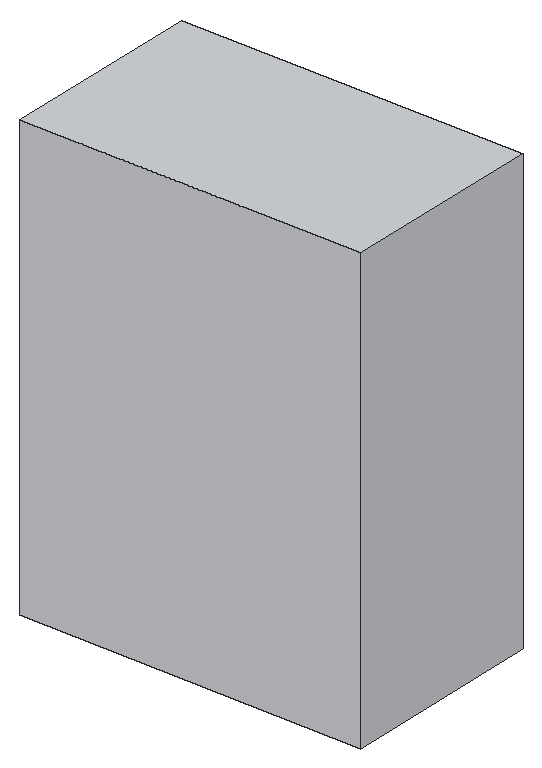
Revit family
Parameters
  Warranty Duration (Years) = 0
  Unit Width [instance] = 3' - 6"
  Unit Height [instance] = 0' - 9 99/256"
  Unit Depth = 0' - 0"
  URL = "http://www.americanspecialties.com/viewCategories.cfm"
  Trim Material = Metal - Stainless Steel w/satin
  Test Data = ""
  Specification = "http://www.arcat.com/sdspecs/htm/10810asi.htm"
  SpecWizard = ""
  Send Message = "http://www.arcat.com/users.pl?action=UserEmail&company=American%20Specialties,%20Inc.&coid=30448&rep=139&fax=914-476-0688&mf="
  Sales Information = "http://www.americanspecialties.com/contact"
  Revision = "R1_10-2010"
  Product Properties = "http://www.americanspecialties.com/datasheets/1615.pdf"
  Product Data = "http://www.arcat.com/arcatcos/cos30/arc30448.html"
  Model = "As Specified in 10 28 13"
  Manufacturer Website = "http://www.americanspecialties.com/viewCategories.cfm"
  Manufacturer Phone - Toll Free = ""
  Manufacturer Phone = "914-476-9000 "
  Manufacturer Fax = "914-476-0688"
  Manufacturer Address = "441 Saw Mill River Rd., Yonkers, NY 10701"
  Manufacturer = "American Specialties, Inc."
  Maintenance Schedule (Months) = 0
  Keynote = "10 28 13"
  Installation-Fabrication = "http://www.americanspecialties.com/products.cfm"
  Green Building-LEED = ""
  Expected Lifespan (Years) = 0
  Drawn By = "Robert S. Weygant. CSI, CDT, SCIP"  # constant formula
  Description = "Toilet Accessory as Specified in 10 28 13"
  Default Elevation = 4' - 0"
  Copyright = "©Arcat Inc."
  Construction Details = "http://www.arcat.com/green/clients/leed_data_30448.html"
  Building Codes = "http://www.americanspecialties.com/products.cfm"
  Body Material = Metal - Stainless Steel w/satin
  Assembly Code = "C1030210"
Reference planes (in)
  plane 1 "Center (Front/Back)": y = -0.29112
  plane 2 "Floor Line": z = 0
  plane 3 "Center (Left/Right)": x = -0.65843
  plane 4: z = 52.69336
  plane 5: x = -21.65843
  plane 6: x = 20.34157
  plane 7: z = 48
  plane 8: z = 57.38672
Forms (in)
  Extrusion 1, solid
    sketch origin (-3, -9, -6) x (0, 0, -1) y (1, 0, 0)
      loop
        line (-82, 31.34157) -> (-82, -26.99487) -> (-6, -26.99487) -> (-6, 31.34157) -> (-82, 31.34157)
    from 9 to -25.60721
  Extrusion 2, solid, material "Metal - Stainless Steel w/satin" <- "Body Material"
    sketch origin (0, 0, 0) x (1, 0, 0) y (0, 1, 0)
      loop
        circle (-21.65843, -0.29112) r 1.5
      loop
        circle (20.34157, -0.29112) r 1.5
      loop
        circle (-21.08812, 0.69669) r 0.125
      loop
        circle (-22.79906, -0.29112) r 0.125
      loop
        circle (-21.08812, -1.27893) r 0.125
      loop
        circle (19.77125, 0.69669) r 0.125
      loop
        circle (21.48219, -0.29112) r 0.125
      loop
        circle (19.77125, -1.27893) r 0.125
    from 0 to 0.25
  Sweep 3, solid, material "Metal - Stainless Steel w/satin" <- "Body Material"
    path origin (0, -0.29112, 0) x (1, 0, 0) y (0, 0, 1)
      loop
        line (-21.65843, 0.25) -> (-21.65843, 0.75)
        arc (-21.65843, 0.75) -> (-21.21909, 1.81066) -> (-20.15843, 2.25) r 1.5
        line (-20.15843, 2.25) -> (18.84157, 2.25)
        arc (18.84157, 2.25) -> (19.90223, 1.81066) -> (20.34157, 0.75) r 1.5
        line (20.34157, 0.75) -> (20.34157, 0.25)
    profile origin (-21.65843, -0.29112, 0.5) x (-1, 0, 0) y (0, -1, 0)
      loop
        circle (0, 0) r 0.75
  Extrusion 4, solid, material "Metal - Stainless Steel w/satin" <- "Body Material"
    sketch origin (0, 0, 0) x (1, 0, 0) y (0, 1, 0)
      loop
        line (-21.67555, -1.10362) -> (20.35868, -1.10362) -> (20.35868, -1.04112) -> (-21.67555, -1.04112) -> (-21.67555, -1.10362)
    from 0.25 to 2.26533
  Extrusion 5, void
    sketch origin (0, -0.29112, 0) x (1, 0, 0) y (0, 0, 1)
      loop
        line (-21.65843, 0.25) -> (-21.65843, 0.75)
        arc (-21.65843, 0.75) -> (-21.21909, 1.81066) -> (-20.15843, 2.25) r 1.5
        line (-20.15843, 2.25) -> (18.84157, 2.25)
        arc (18.84157, 2.25) -> (19.90223, 1.81066) -> (20.34157, 0.75) r 1.5
        line (20.34157, 0.75) -> (20.34157, 0.25) -> (22.09157, 0.25) -> (22.09157, 4) -> (-23.65843, 4) -> (-23.65843, 0.25) -> (-21.65843, 0.25)
    from 0 to 3.25636
Cuts and joins
  Extrusion 5 cuts Extrusion 2
  Extrusion 5 cuts Extrusion 4
Dimensions and locks (in)
  equal spacing: plane 8, plane 4, plane 7
  equal spacing: plane 6, plane 3 "Center (Left/Right)", plane 5
  "Unit Width": plane 6 to plane 5
  "Unit Height": plane 8 to plane 7
  "Default Elevation": plane 7 to plane 2 "Floor Line"
  aligned and locked: Extrusion 1 to level
  aligned and locked: Extrusion 4 to Extrusion 2
Automatic sketch dimensions
  Extrusion 1 sketch curve to Extrusion 1 sketch curve = 6' - 4"
  Extrusion 1 sketch curve to Extrusion 1 sketch curve = 4' - 10.33643"
  Extrusion 2 sketch curve to plane 1 "Center (Front/Back)" = 0' - 0"  (x4)
  Extrusion 2 sketch curve to plane 5 = 0' - 0"
  Extrusion 2 sketch curve to plane 6 = 0' - 0"
  Extrusion 2 sketch curve to Extrusion 2 sketch curve = 0' - 1 9/64"
  plane 5 to Extrusion 2 sketch curve = 0' - 0 73/128"  (x2)
  Extrusion 2 sketch curve to plane 6 = 0' - 0 73/128"  (x2)
  plane 6 to Extrusion 2 sketch curve = 0' - 1 9/64"
  plane 1 "Center (Front/Back)" to Extrusion 2 sketch curve = 0' - 0.98781"  (x2)
  Extrusion 2 sketch curve to plane 1 "Center (Front/Back)" = 0' - 0.98781"  (x2)
  Sweep 3 sketch curve to plane 5 = 0' - 0"
  Sweep 3 sketch curve to plane 6 = 0' - 0"
  plane 5 to Sweep 3 sketch curve = 0' - 1 1/2"
  level to Sweep 3 sketch curve = 0' - 0 3/4"
  Sweep 3 sketch curve to plane 6 = 0' - 1 1/2"
  level to Sweep 3 sketch curve = 0' - 0 1/4"  (x2)
  Sweep 3 sketch curve to plane 1 "Center (Front/Back)" = 0' - 0"
  Sweep 3 sketch curve to profile plane = 0' - 0"
  Extrusion 4 sketch curve to plane 5 = 0' - 0.01712"
  plane 6 to Extrusion 4 sketch curve = 0' - 0.01712"
  plane 1 "Center (Front/Back)" to Extrusion 4 sketch curve = 0' - 0 13/16"
  Extrusion 4 sketch curve to Extrusion 4 sketch curve = 0' - 0 1/16"
  Extrusion 5 sketch curve to plane 5 = 0' - 0"
  Extrusion 5 sketch curve to plane 6 = 0' - 0"
  Extrusion 5 sketch curve to plane 5 = 0' - 2"
  level to Extrusion 5 sketch curve = 0' - 0 3/4"
  Extrusion 5 sketch curve to Extrusion 5 sketch curve = 0' - 1 1/2"
  Extrusion 5 sketch curve to plane 6 = 0' - 1 1/2"
  level to Extrusion 5 sketch curve = 0' - 0 1/4"  (x2)
  Extrusion 5 sketch curve to Extrusion 5 sketch curve = 0' - 1 3/4"
  Extrusion 5 sketch curve to Extrusion 5 sketch curve = 0' - 3 1/4"
  radius of Extrusion 2 sketch curve = 0' - 1 1/2"  (x2)
  radius of Extrusion 2 sketch curve = 0' - 0 1/8"  (x6)
  radius of Sweep 3 sketch curve = 0' - 0 3/4"
